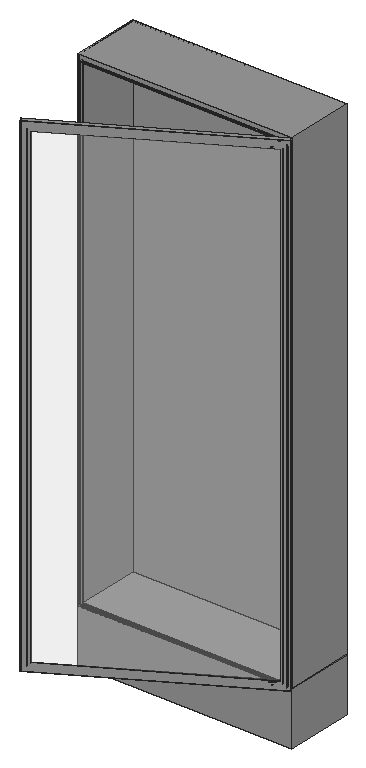
Revit family "Hager-Univers-IP55-D275-H2050-Cl.I-Steel_encl-NoHosted-CH-en", category Equipement électrique, Revit 2020
Family settings
  Configuration du panneau = Deux colonnes, circuits au sein
  Cote de connecteur circulaire = Utiliser le diamètre
  Type d'élément = Tableau de raccordement
  Basée sur le plan de construction = Oui
  Toujours verticalement = Oui
  Couper avec des vides une fois chargée = Non
  Partagée = Non
  Point de calcul de pièce = Non
Parameters (values of type "Floor installation IP55 W800 H2050 D275  - FR23K2")
  Width Control [instance] = if([EF000008 - Width] > Min Width, [EF000008 - Width], Min Width)  # 800 mm
  Commentaires du type = [HG000003 - Range]  # "Univers"
  Thickness Door [instance] = if([EF009171 - Material plate thickness door/cover] > 3 mm, 3 mm, [EF009171 - Material plate thickness door/cover])  # 1.5 mm
  Seal Frame Offset [instance] = 17 mm  # constant formula
  Plinth Visibility [instance] = [HG000027 - Plinth height] > 0 mm  # yes
  Min Width [instance] = 100 mm  # constant formula
  Min Depth [instance] = (2 * [EF009170 - Material plate thickness cabinet]) + 1 mm  # 4 mm
  Min Height [instance] = 100 mm  # constant formula
  Internal Frame Depth [instance] = (Door System Depth * 0.5)  # 9 mm
  Panel Name [instance] = ""  # (empty or 0)
  Model = ""
  HG000027 - Plinth height = 200 mm
  HG000026 - Floor standing = yes
  HG000024 - Bottom section height = 600 mm
  HG000023 - Double section enclosure = no
  HG000016 - Door 3d visibility [instance] = yes
  HG000015 - Clearance visibility [instance] = no
  HG000014 - Door on the right [instance] = yes
  HG000013 - Door on the left [instance] = not([HG000014 - Door on the right])  # no
  HG000012 - Door swing angle [instance] = 30.00°
  HG000010 - Asymmetric doors = no
  HG000009 - Double swing door = no
  HG000006 - Flush mounted = no
  HG000004 - Manufacturer reference = "FR23K2"
  HG000003 - Range = "Univers"
  HG000002 - With door or cover = yes
  Frame Offset Bottom [instance] = 10 mm  # constant formula
  Frame Offset [instance] = 15 mm  # constant formula
  EF015940 - Cover with overpressure release = no
  EF011959 - Degree of protection (NEMA) = ""
  EF009554 - Number of openings for flange plates = 6
  EF009212 - Cover model = "EV000116 - Closed"
  EF009171 - Material plate thickness door/cover = 1.5 mm
  EF009170 - Material plate thickness cabinet = 1.5 mm
  EF008873 - Nominal current (In) = 800 A
  EF007800 - Suitable for lightning protection = no
  EF006306 - With lock = no
  EF006244 - Transparent cover/door = yes
  EF005474 - Degree of protection (IP) = "EV006420 - IP55"
  EF004464 - Type of door = "EV002646 - Single"
  EF004427 - Number of modules = 432
  EF004293 - Impact strength = "EV008784 - IK10"
  EF003532 - Suitable for outdoor use = no
  EF002950 - Width in number of modular spacings = 24
  EF001613 - Circuit integrity = "EV000494 - None"
  EF001596 - Material housing = "EV000179 - Steel"
  EF001131 - Internal depth = 275 mm
  EF001088 - Extension possible = yes
  EF000437 - Number of conduit inlets = 6
  EF000339 - Type of cover = "EV004216 - Door"
  EF000266 - Number of rows = 12
  EF000218 - Built-in depth = 0 mm
  EF000118 - With mounting plate = no
  EF000116 - RAL-number = "7035"
  EF000049 - Depth = 275 mm
  EF000040 - Height = 2050 mm
  EF000008 - Width = 800 mm
  EF000007 - Colour = "EV000270 - Grey"
  EF000003 - Mounting method = "EV012274 - Floor installation"
  Door System Leaf Tolerance [instance] = 1.5 mm  # constant formula
  Door System Depth [instance] = 18 mm  # constant formula
  Door Height [instance] = Height Control - [HG000027 - Plinth height]  # 1850 mm
  Description = ""
  Default Elevation = 1219.2 mm
  Connector Offset [instance] = Height Control / 2  # 1025 mm
  Fabricant = "Hager"  # constant formula
  Height Control [instance] = if([EF000040 - Height] > Min Height, [EF000040 - Height], Min Height)  # 2050 mm
  Depth Control [instance] = if([EF000049 - Depth] > Min Depth, [EF000049 - Depth], Min Depth)  # 275 mm
  Bottom Top Plate Trim [instance] = 1.5 mm  # constant formula
  Plinth height Ctrl [instance] = if([HG000027 - Plinth height] > 0 mm, [HG000027 - Plinth height], 12 mm)  # 200 mm
Types (11, lengths in mm): name | Width Control | HG000010 - Asymmetric doors | HG000009 - Double swing door | HG000004 - Manufacturer reference | EF009554 - Number of openings for flange plates | EF006244 - Transparent cover/door | EF004464 - Type of door | EF004427 - Number of modules | EF000437 - Number of conduit inlets | EF000008 - Width
  Floor installation IP55 W1050 H2050 D275  - FR24E2 | 1050 | yes | yes | "FR24E2" | 8 | no | "EV003602 - Double" | 576 | 8 | 1050
  Floor installation IP55 W1050 H2050 D275  - FR24K2 | 1050 | yes | yes | "FR24K2" | 8 | yes | "EV003602 - Double" | 576 | 8 | 1050
  Floor installation IP55 W1300 H2050 D275  - FR25E2 | 1300 | yes | yes | "FR25E2" | 10 | no | "EV003602 - Double" | 720 | 10 | 1300
  Floor installation IP55 W1300 H2050 D275  - FR25K2 | 1300 | yes | yes | "FR25K2" | 10 | yes | "EV003602 - Double" | 720 | 10 | 1300
  Floor installation IP55 W1550 H2050 D275  - FR26E2 | 1550 | yes | yes | "FR26E2" | 12 | no | "EV003602 - Double" | 864 | 12 | 1550
  Floor installation IP55 W1550 H2050 D275  - FR26K2 | 1550 | yes | yes | "FR26K2" | 12 | yes | "EV003602 - Double" | 864 | 12 | 1550
  Floor installation IP55 W300 H2050 D275  - FR21E2 | 300 | no | no | "FR21E2" | 2 | no | "EV002646 - Single" | 144 | 2 | 300
  Floor installation IP55 W550 H2050 D275  - FR22E2 | 550 | no | no | "FR22E2" | 4 | no | "EV002646 - Single" | 288 | 4 | 550
  Floor installation IP55 W550 H2050 D275  - FR22K2 | 550 | no | no | "FR22K2" | 4 | yes | "EV002646 - Single" | 288 | 4 | 550
  Floor installation IP55 W800 H2050 D275  - FR23E2 | 800 | no | no | "FR23E2" | 6 | no | "EV002646 - Single" | 432 | 6 | 800
  Floor installation IP55 W800 H2050 D275  - FR23K2 | 800 | no | no | "FR23K2" | 6 | yes | "EV002646 - Single" | 432 | 6 | 800
Reference planes
  plane 1 "Center (Front/Back)": y = 0
  plane 2: z = 0
  plane 3 "Center (Left/Right)": x = 0
  plane 4: y = 0
  plane 5: y = 0
  plane 6: z = 0
  plane 7: x = -400
  plane 8: x = 400
  plane 9: x = 398.5
  plane 10: x = -398.5
  plane 11: z = 200
  plane 12: z = 201.5
  plane 13: y = -275
  plane 14: y = -1.5
  plane 15: x = 0
  plane 16: y = -257
  plane 17: y = -273.5
  plane 18: y = -255.5
  plane 19: x = -383.5
  plane 20: x = 383.5
  plane 21: z = 211.5
  plane 22: x = -383
  plane 23: x = 383
  plane 24: z = 200
  plane 25: z = 2050
  plane 26: z = 2050
  plane 27: z = 2033.5
  plane 28: z = 2048.5
Forms (mm)
  Extrusion 1, solid, material "Hager_Steel_RAL7035_Light_Grey", detail levels medium+fine
    sketch origin (-208.679, -4572, 200) x (-1, 0, 0) y (0, -1, 0)
      loop
        line (191.321, -4315) -> (-608.679, -4315) -> (-608.679, -4572) -> (191.321, -4572) -> (191.321, -4315)
    from 0 to 1850
  Extrusion 2, void
    sketch origin (-350.771, -275, 1219.2) x (1, 0, 0) y (0, 0, 1)
      loop
        line (-47.729, 829.3) -> (-47.729, -1017.7) -> (749.271, -1017.7) -> (749.271, 829.3) -> (-47.729, 829.3)
    from -19.5 to -273.5
  Extrusion 3, void
    sketch origin (-290.084, -257, 1219.2) x (1, 0, 0) y (0, 0, 1)
      loop
        line (-93.416, -1007.7) -> (673.584, -1007.7) -> (673.584, 814.3) -> (-93.416, 814.3) -> (-93.416, -1007.7)
    from 0 to -1.5
  Extrusion 4, solid, material "Hager_Steel_RAL7035_Light_Grey", visible <- "Plinth Visibility", detail levels medium+fine
    sketch origin (0, 0, 0) x (1, 0, 0) y (0, 1, 0)
      loop
        line (-400, 0) -> (-400, -257) -> (400, -257) -> (400, 0) -> (-400, 0)
    from 0 to 200 <- "Plinth height Ctrl"
  Extrusion 5, solid, material "Hager_Steel_RAL7035_Light_Grey", detail levels coarse
    sketch origin (0, 0, 0) x (1, 0, 0) y (0, 1, 0)
      loop
        line (-400, 0) -> (-400, -275) -> (400, -275) -> (400, 0) -> (-400, 0)
    from 0 to 2050 <- "Height Control"
  Sweep 6, void
    path in 3D
      loop
        line (-400, -257, 200) -> (400, -257, 200) -> (400, 0, 200) -> (-400, 0, 200) -> (-400, -257, 200)
    profile origin (-400, -128.5, 200) x (1, 0, 0) y (0, 0, 1)
      loop
        line (0, 0) -> (0, -1.5) -> (1.5, -1.5)
        arc (1.5, -1.5) -> (1.061, -0.439) -> (0, 0) r 1.5
  Extrusion 7, solid, material "Hager_Steel_RAL7035_Light_Grey", detail levels fine
    sketch origin (-400, -257, 200) x (1, 0, 0) y (0, 0, 1)
      loop
        line (16.5, 11.5) -> (783.5, 11.5) -> (783.5, 1833.5) -> (16.5, 1833.5) -> (16.5, 11.5)
      loop
        line (15, 10) -> (785, 10) -> (785, 1835) -> (15, 1835) -> (15, 10)
    from 0 to 9 <- "Internal Frame Depth"
Cuts and joins
  Extrusion 2, Extrusion 3 cuts Extrusion 1
  Sweep 6 cuts Extrusion 4
Lines and regions (mm)
  Masking region 1
    outline origin (0, 0, 0) x (1, 0, 0) y (0, 1, 0)
      loop
        line (-400, 0) -> (-400, -275) -> (400, -275) -> (400, 0) -> (-400, 0)
  Masking region 2, detail levels coarse
    outline origin (-290.084, -257, 1219.2) x (-1, 0, 0) y (0, 0, 1)
      loop
        line (-690.084, -1219.2) -> (109.916, -1219.2) -> (109.916, 830.8) -> (-690.084, 830.8) -> (-690.084, -1219.2)
  Masking region 3, detail levels coarse
    outline origin (0, 0, 0) x (0, 1, 0) y (0, 0, 1)
      loop
        line (0, 0) -> (0, 2050) -> (-275, 2050) -> (-275, 0) -> (0, 0)
  Masking region 4, visible <- "Plinth Visibility", detail levels medium+fine
    outline origin (0, 0, 0) x (0, 1, 0) y (0, 0, 1)
      loop
        line (-1.5, 200) -> (-255.5, 200)
        arc (-255.5, 200) -> (-255.939, 198.939) -> (-257, 198.5) r 1.5
        line (-257, 198.5) -> (-257, 0) -> (0, 0) -> (0, 198.5)
        arc (0, 198.5) -> (-1.061, 198.939) -> (-1.5, 200) r 1.5
  Masking region 5, detail levels medium+fine
    outline origin (0, 0, 594.038) x (0, 1, 0) y (0, 0, 1)
      loop
        line (0, -394.038) -> (0, 1455.962) -> (-257, 1455.962) -> (-257, -394.038) -> (0, -394.038)
  Masking region 6, detail levels medium+fine
    outline origin (-359.7, -257, 1211.883) x (-1, 0, 0) y (0, 0, 1)
      loop
        line (-759.7, -1011.883) -> (40.3, -1011.883) -> (40.3, 838.117) -> (-759.7, 838.117) -> (-759.7, -1011.883)
  Masking region 7, visible <- "Plinth Visibility", detail levels medium+fine
    outline origin (-320.334, -257, 1041.368) x (-1, 0, 0) y (0, 0, 1)
      loop
        line (-720.334, -1041.368) -> (79.666, -1041.368) -> (79.666, -842.868)
        arc (79.666, -842.868) -> (78.606, -842.429) -> (78.166, -841.368) r 1.5
        line (78.166, -841.368) -> (-718.834, -841.368)
        arc (-718.834, -841.368) -> (-719.273, -842.429) -> (-720.334, -842.868) r 1.5
        line (-720.334, -842.868) -> (-720.334, -1041.368)
  sketch lines
    curve 1: line (-400, 0, 200) -> (-400, -257, 200)
    curve 2: line (-400, -257, 200) -> (400, -257, 200)
    curve 3: line (400, 0, 200) -> (-400, 0, 200)
    curve 4: line (400, -257, 200) -> (400, 0, 200)
Dimensions and locks
  locked: plane 1 "Center (Front/Back)" to plane 5
  "EF009170 - Material plate thickness cabinet": plane 7 to plane 10
  "EF009170 - Material plate thickness cabinet": plane 8 to plane 9
  equal spacing: plane 7, plane 3 "Center (Left/Right)", plane 8
  "Width Control": plane 7 to plane 8
  "Depth Control": plane 4 to plane 13
  "EF009170 - Material plate thickness cabinet": plane 4 to plane 14
  "Height Control": plane 25 to level
  "HG000027 - Plinth height": plane 11 to level
  "EF009170 - Material plate thickness cabinet": plane 12 to plane 11
  "EF009170 - Material plate thickness cabinet": plane 17 to plane 13
  "EF009170 - Material plate thickness cabinet": plane 18 to plane 16
  "Frame Offset Bottom": plane 21 to plane 12
  "Frame Offset": plane 10 to plane 19
  "Frame Offset": plane 9 to plane 20
  "Door System Depth": plane 16 to plane 13
  "Seal Frame Offset": plane 7 to plane 22
  "Seal Frame Offset": plane 8 to plane 23
  "EF009170 - Material plate thickness cabinet": plane 26 to plane 28
  "Frame Offset": plane 28 to plane 27
  "Connector Offset": plane 2 to connector elem
  "Bottom Top Plate Trim": profile plane to Sweep 6 sketch curve
  "Bottom Top Plate Trim": Sweep 6 sketch curve to Sweep 6 sketch curve
  "Plinth height Ctrl": Masking region 4 sketch curve to level
  "Plinth height Ctrl": Masking region 7 sketch curve to level
  "Thickness Door": Extrusion 7 sketch curve to Extrusion 7 sketch curve  (x4)
  "Bottom Top Plate Trim": radius of Sweep 6 sketch curve
  "Bottom Top Plate Trim": radius of Masking region 4 sketch curve  (x2)
  "Bottom Top Plate Trim": radius of Masking region 7 sketch curve  (x2)
  aligned and locked: Extrusion 2 sketch curve to plane 12
  aligned and locked: Extrusion 2 sketch curve to plane 9
  aligned and locked: Extrusion 2 sketch curve to plane 10
  aligned and locked: Extrusion 2 to plane 14
  aligned and locked: Extrusion 1 sketch curve to plane 4
  aligned and locked: plane 8 to Extrusion 1 sketch curve
  aligned and locked: plane 7 to Extrusion 1 sketch curve
  aligned and locked: Extrusion 2 to plane 18
  aligned and locked: Extrusion 3 sketch curve to plane 19
  aligned and locked: plane 20 to Extrusion 3 sketch curve
  aligned and locked: Extrusion 3 to Extrusion 2
  aligned and locked: Extrusion 3 sketch curve to plane 21
  aligned and locked: plane 3 "Center (Left/Right)" to nested 1
  aligned and locked: Extrusion 1 sketch curve to plane 16
  aligned and locked: Extrusion 4 sketch curve to cut or joined group of Extrusion 1, Extrusion 2, Extrusion 3
  aligned and locked: Masking region 1 sketch curve to plane 7
  aligned and locked: Masking region 1 sketch curve to plane 5
  aligned and locked: Masking region 1 sketch curve to plane 8
  aligned and locked: Masking region 2 sketch curve to level
  aligned and locked: level to Masking region 3 sketch curve
  aligned and locked: plane 1 "Center (Front/Back)" to Masking region 3 sketch curve
  aligned and locked: plane 13 to Masking region 3 sketch curve
  aligned and locked: plane 5 to Masking region 4 sketch curve
  aligned and locked: Masking region 2 sketch curve to plane 8
  aligned and locked: Masking region 2 sketch curve to plane 7
  aligned and locked: plane 7 to nested 2
  aligned and locked: nested 2 to plane 5
  aligned and locked: plane 5 to Masking region 5 sketch curve
  aligned and locked: plane 26 to Masking region 5 sketch curve
  aligned and locked: Extrusion 5 sketch curve to plane 8
  aligned and locked: Extrusion 5 sketch curve to plane 7
  aligned and locked: Extrusion 5 sketch curve to plane 5
  aligned and locked: Extrusion 3 sketch curve to plane 27
  aligned and locked: Extrusion 2 sketch curve to plane 28
  aligned and locked: Masking region 2 to plane 25
  aligned and locked: Extrusion 4 to plane 16
  aligned and locked: profile plane to Sweep 6 sketch curve
  aligned and locked: Masking region 5 sketch curve to plane 24
  aligned and locked: level to Masking region 4 sketch curve
  aligned and locked: Masking region 1 to plane 13
  aligned and locked: nested 1 to plane 16
  aligned and locked: Masking region 3 to plane 25
  aligned and locked: plane 16 to Masking region 4 sketch curve
  aligned and locked: Masking region 5 sketch curve to plane 16
  aligned and locked: plane 24 to plane 11
  aligned and locked: plane 26 to plane 25
  aligned and locked: plane 26 to cut or joined group of Extrusion 1, Extrusion 2, Extrusion 3
  aligned and locked: nested 1 to plane 24
  aligned and locked: Extrusion 1 to Extrusion 3
  aligned and locked: Masking region 6 sketch curve to plane 8
  aligned and locked: Masking region 6 sketch curve to plane 24
  aligned and locked: Masking region 6 sketch curve to plane 7
  aligned and locked: Masking region 6 sketch curve to plane 26
  aligned and locked: Masking region 7 sketch curve to plane 7
  aligned and locked: level to Masking region 7 sketch curve
  aligned and locked: Masking region 7 sketch curve to plane 8
  aligned and locked: Extrusion 7 sketch curve to cut or joined group of Extrusion 1, Extrusion 2, Extrusion 3  (x4)
Automatic sketch dimensions
  plane 19 to Extrusion 3 sketch curve = 0 mm
  Extrusion 3 sketch curve to plane 20 = 0 mm
  Extrusion 3 sketch curve to plane 21 = 0 mm
  Extrusion 4 sketch curve to plane 7 = 0 mm
  Extrusion 4 sketch curve to plane 8 = 0 mm
  Extrusion 4 sketch curve to plane 16 = 0 mm
  Masking region 1 sketch curve to plane 13 = 0 mm
  Masking region 2 sketch curve to plane 25 = 0 mm
  Masking region 3 sketch curve to plane 25 = 0 mm
  Extrusion 5 sketch curve to plane 13 = 0 mm
  profile plane to Sweep 6 sketch curve = 0 mm
Nested families
  nested 1: "EC000058_Univers_Door" at (0, -257, 200), Double <- "HG000009 - Double swing door", Transparent <- "EF006244 - Transparent cover/door", Angle <- "HG000012 - Door swing angle", Door_Right <- "HG000014 - Door on the right", Assymetrical <- "HG000010 - Asymmetric doors", Door <- "HG000002 - With door or cover", Width_Ctrl <- "Width Control", 3d_Door <- "HG000016 - Door 3d visibility", Clearance <- "HG000015 - Clearance visibility", Door_Left <- "HG000013 - Door on the left", Width <- "Width Control", Door_Depth <- "Door System Depth", Leaf_Tolerance <- "Door System Leaf Tolerance", Height <- "Door Height", Lock_Visibility <- "EF006306 - With lock", Thickness <- "Thickness Door", type "EC000058_Univers_Door", detail levels medium+fine
    with min_wh 4 mm, Width_Ctrl 800 mm, Width 800 mm, Transparent yes, Thickness 1.5 mm, Seal_Material Hager_Rubber, Lock_Visibility no, Lock_Material Hager_Plastic_RAL9005_Jet_Black, Leaf_Width 800 mm, Leaf_Tolerance_External_Sides 0 mm, Leaf_Tolerance 1.5 mm, Leaf_Offset 0 mm, Leaf_Height 1847 mm, Leaf_2_Width 800 mm, Leaf_2_Offset 400 mm, Leaf_1_Width 800 mm, Leaf_1_Offset 400 mm, Height_Ctrl 1850 mm, Height 1850 mm, Glass_Material Hager_Glass, Double_Clearance_Ctrl no, Double no, Door_Right_Ctrl yes, Door_Right yes, Door_Material Hager_Steel_RAL7035_Light_Grey, Door_Left_Ctrl no, Door_Left no, Door_Depth 18 mm, Door yes, Clearance_Material Hager_Clearance, Clearance_Depth 800 mm, Clearance_Ctrl no, Clearance no, Assymetrical no, Angle 30.00°, 3d_Door yes
  nested 2: "Hager_Enclosure_Symbol" at (-400, 0, 0), Height <- "Depth Control", Width <- "Width Control", type "Hager_Enclosure_Symbol"
    with Width_Ctrl 800 mm, Width 800 mm, Height_Ctrl 275 mm, Height 275 mm, A_Width_Int 18.047 mm, A_Width 216.562 mm, A_Height_Ctrl 240.625 mm, A_Height 240.625 mm
Connectors
  electrical at (0, 0, 1025)
    settings: on plane 1 "Center (Front/Back)", index 1, voltage 0 V, apparent load 0 VA, apparent load phase1 0 VA, apparent load phase2 0 VA, apparent load phase3 0 VA, power factor 1, load classification "Other", number of poles 1, system type 30, power factor state 1, is connector primary yes, connector utility no, sub classification motor no, connector description ""
Definition of nested family "EC000058_Univers_Door"
  Parameters (values of type "EC000058_Univers_Door")
    min_wh [instance] = (2 * Thickness) + 1 mm  # 11 mm
    Width_Ctrl [instance] = 400 mm
    Width [instance] = 500 mm
    Transparent [instance] = yes
    Thickness [instance] = 5 mm
    Seal_Material [instance] = none
    Lock_Visibility [instance] = yes
    Lock_Material [instance] = none
    Leaf_Width [instance] = if((Width_Ctrl - 2 * Leaf_Tolerance_External_Sides) > 0 mm, (Width_Ctrl - 2 * Leaf_Tolerance_External_Sides), min_wh)  # 400 mm
    Leaf_Tolerance_External_Sides [instance] = 0 mm  # constant formula
    Leaf_Tolerance [instance] = 1.5 mm
    Leaf_Offset [instance] = 0 mm  # constant formula
    Leaf_Height [instance] = if((Height_Ctrl - 2 * Leaf_Tolerance) > 0 mm, (Height_Ctrl - 2 * Leaf_Tolerance), min_wh)  # 497 mm
    Leaf_2_Width [instance] = if(and(and(Double, Assymetrical), Door_Left), (Leaf_Width / 3) - (Leaf_Tolerance / 2), if(and(and(Double, Assymetrical), Door_Right), (Leaf_Width / 3) * 2 - (Leaf_Tolerance / 2), if(and(Double, not(Assymetrical)), (Leaf_Width / 2) - Leaf_Tolerance, Leaf_Width)))  # 400 mm
    Leaf_2_Offset [instance] = if(and(Double, Assymetrical), Leaf_2_Width / 2, if(and(Double, not(Assymetrical)), Leaf_Width / 4, Leaf_Width / 2))  # 200 mm
    Leaf_1_Width [instance] = if(and(and(Double, Assymetrical), Door_Right), (Leaf_Width / 3) - (Leaf_Tolerance / 2), if(and(and(Double, Assymetrical), Door_Left), (Width / 3) * 2 - (Leaf_Tolerance / 2), if(and(Double, not(Assymetrical)), (Leaf_Width / 2) - Leaf_Tolerance, Leaf_Width)))  # 400 mm
    Leaf_1_Offset [instance] = if(and(Double, Assymetrical), Leaf_1_Width / 2, if(and(Double, not(Assymetrical)), Leaf_Width / 4, Leaf_Width / 2))  # 200 mm
    Height_Ctrl [instance] = if(Height > min_wh, Height, min_wh)  # 500 mm
    Height [instance] = 500 mm
    Glass_Material [instance] = none
    Double_Clearance_Ctrl [instance] = and(Double, Clearance)  # no
    Double [instance] = no
    Door_Right_Ctrl [instance] = and(or(Door_Right, Double), Door)  # yes
    Door_Right [instance] = yes
    Door_Material [instance] = none
    Door_Left_Ctrl [instance] = and(or(Door_Left, Double), Door)  # no
    Door_Left [instance] = no
    Door_Depth [instance] = 30 mm
    Door [instance] = yes
    Default Elevation = 1219.2 mm
    Clearance_Material [instance] = none
    Clearance_Depth [instance] = if(Leaf_1_Width > Leaf_2_Width, Leaf_1_Width, Leaf_2_Width)  # 400 mm
    Clearance_Ctrl [instance] = and(not(Double), Clearance)  # yes
    Clearance [instance] = yes
    Assymetrical [instance] = yes
    Angle [instance] = 30.00°
    3d_Door [instance] = yes
  Reference planes
    plane 1 "Center (Front/Back)": y = 0
    plane 2 "Bottom": z = 0
    plane 3 "Center (Left/Right)": x = 0
    plane 4: z = 500
    plane 5: x = -200
    plane 6: x = 200
    plane 7: z = 500
    plane 8: x = -200
    plane 9: z = 0
    plane 10: x = 200
    plane 11: y = 0
    plane 12: z = 1.5
    plane 13: x = -600
    plane 14: y = -400
    plane 15: x = 600
    plane 16: x = 0
    plane 17: x = 0
    plane 18: x = -200
    plane 19: x = 200
    plane 20: z = 498.5
  Forms (mm)
    Extrusion 1, solid, material <- "Clearance_Material", visible <- "Double_Clearance_Ctrl"
      sketch origin (1200, 0, 0) x (1, 0, 0) y (0, 0, -1)
        loop
          line (-1800, -498.5) -> (-600, -498.5) -> (-600, 0) -> (-1800, 0) -> (-1800, -498.5)
      from 0 to -400
  Dimensions and locks
    equal spacing: plane 5, plane 3 "Center (Left/Right)", plane 6
    "Width_Ctrl": plane 5 to plane 6
    "Leaf_Offset": plane 5 to plane 8
    "Leaf_Offset": plane 6 to plane 10
    "Leaf_Offset": plane 9 to level
    "Leaf_Offset": plane 4 to plane 7
    "Height_Ctrl": plane 4 to level
    "Leaf_Tolerance": plane 12 to plane 9
    locked: plane 11 to plane 1 "Center (Front/Back)"
    "Leaf_1_Offset": plane 18 to plane 16
    "Leaf_2_Offset": plane 17 to plane 19
    "Leaf_1_Width": plane 13 to plane 8
    "Leaf_2_Width": plane 10 to plane 15
    "Clearance_Depth": plane 14 to plane 1 "Center (Front/Back)"
    "Leaf_Tolerance_External_Sides": plane 8 to plane 18
    "Leaf_Tolerance_External_Sides": plane 19 to plane 10
    "Leaf_Tolerance": plane 7 to plane 20
    aligned and locked: level to plane 2 "Bottom"
    aligned and locked: nested 1 to plane 16
    aligned and locked: nested 2 to plane 17
    aligned and locked: Extrusion 1 to plane 13
    aligned and locked: plane 15 to Extrusion 1
    aligned and locked: Extrusion 1 to plane 14
    aligned and locked: plane 12 to nested 1
    aligned and locked: nested 2 to plane 12
    aligned and locked: Extrusion 1 to plane 11
    aligned and locked: plane 20 to Extrusion 1
    aligned and locked: nested 2 to plane 11
    aligned and locked: nested 1 to plane 11
  Automatic sketch dimensions
    Extrusion 1 sketch curve to level = 0 mm
    plane 5 to Extrusion 1 sketch curve = 400 mm
    plane 6 to Extrusion 1 sketch curve = 400 mm
    Extrusion 1 sketch curve to plane 4 = 1.5 mm
  Nested families
    nested 1: "EC000058_Univers_Door_Leaf" at (0, 0, 1.5), Width <- "Leaf_1_Width", visible <- "Door_Left_Ctrl", Leaf_Height <- "Leaf_Height", Angle <- "Angle", 3d_Door <- "3d_Door", Transparent <- "Transparent", Clearance Material <- "Clearance_Material", Clearance <- "Clearance_Ctrl", Door_Material <- "Door_Material", Glass_Material <- "Glass_Material", Door_Depth <- "Door_Depth", Lock_Material <- "Lock_Material", Seal_Material <- "Seal_Material", Lock_Visibility <- "Lock_Visibility", Thickness <- "Thickness", type "EC000058_Univers_Door_Leaf"
      with Width 400 mm, Transparent_Glass_Offset 30 mm, Transparent_Ctrl yes, Transparent yes, Thickness 5 mm, Standard no, Seal_Material none, Seal_D2 8 mm, Seal_D1 1 mm, Offset_Internal_Frame 10 mm, Lock_Width 20 mm, Lock_Visibility_3d yes, Lock_Visibility yes, Lock_Thickness_3 3 mm, Lock_Thickness_2 1 mm, Lock_Thickness_1 3 mm, Lock_Radius_Offset_2 16 mm, Lock_Radius_Offset_1 15 mm, Lock_Radius_2 5 mm, Lock_Radius 6 mm, Lock_Offset 5 mm, Lock_Material none, Lock_Height 80 mm, Lock_Cover_Top_Offset_2d 17 mm, Lock_Cover_Height -65 mm, Leaf_Height 497 mm, Internal_Seal_Thickness 8 mm, Internal_Seal_Depth_2 4.5 mm, Internal_Frame_Depth 25 mm, Glass_Thickness -1 mm, Glass_Offset -2 mm, Glass_Material none, Door_Material none, Door_Depth 30 mm, Clearance Material none, Clearance yes, Angle_Ctrl 30.00°, Angle 30.00°, 3d_Door yes
    nested 2: "EC000058_Univers_Door_Leaf" at (0, 0, 1.5) x (-1, 0, 0) z (0, 0, 1), Width <- "Leaf_2_Width", visible <- "Door_Right_Ctrl", Leaf_Height <- "Leaf_Height", Angle <- "Angle", 3d_Door <- "3d_Door", Transparent <- "Transparent", Clearance Material <- "Clearance_Material", Clearance <- "Clearance_Ctrl", Door_Material <- "Door_Material", Glass_Material <- "Glass_Material", Door_Depth <- "Door_Depth", Lock_Material <- "Lock_Material", Seal_Material <- "Seal_Material", Lock_Visibility <- "Lock_Visibility", Thickness <- "Thickness", type "EC000058_Univers_Door_Leaf"
      with Width 400 mm, Transparent_Glass_Offset 30 mm, Transparent_Ctrl yes, Transparent yes, Thickness 5 mm, Standard no, Seal_Material none, Seal_D2 8 mm, Seal_D1 1 mm, Offset_Internal_Frame 10 mm, Lock_Width 20 mm, Lock_Visibility_3d yes, Lock_Visibility yes, Lock_Thickness_3 3 mm, Lock_Thickness_2 1 mm, Lock_Thickness_1 3 mm, Lock_Radius_Offset_2 16 mm, Lock_Radius_Offset_1 15 mm, Lock_Radius_2 5 mm, Lock_Radius 6 mm, Lock_Offset 5 mm, Lock_Material none, Lock_Height 80 mm, Lock_Cover_Top_Offset_2d 17 mm, Lock_Cover_Height -65 mm, Leaf_Height 497 mm, Internal_Seal_Thickness 8 mm, Internal_Seal_Depth_2 4.5 mm, Internal_Frame_Depth 25 mm, Glass_Thickness -1 mm, Glass_Offset -2 mm, Glass_Material none, Door_Material none, Door_Depth 30 mm, Clearance Material none, Clearance yes, Angle_Ctrl 30.00°, Angle 30.00°, 3d_Door yes
  Definition of nested family "EC000058_Univers_Door_Leaf"
    Parameters (values of type "EC000058_Univers_Door_Leaf")
      Width [instance] = 2000 mm
      Transparent_Glass_Offset [instance] = 30 mm
      Transparent_Ctrl [instance] = and(Transparent, [3d_Door])  # yes
      Transparent [instance] = yes
      Thickness [instance] = 5 mm
      Standard [instance] = and(not(Transparent), [3d_Door])  # no
      Seal_Material [instance] = none
      Seal_D2 [instance] = 8 mm  # constant formula
      Seal_D1 [instance] = 1 mm  # constant formula
      Offset_Internal_Frame [instance] = 10 mm  # constant formula
      Lock_Width [instance] = 20 mm  # constant formula
      Lock_Visibility_3d [instance] = and(Lock_Visibility, [3d_Door])  # yes
      Lock_Visibility [instance] = yes
      Lock_Thickness_3 [instance] = 3 mm  # constant formula
      Lock_Thickness_2 [instance] = 1 mm  # constant formula
      Lock_Thickness_1 [instance] = 3 mm  # constant formula
      Lock_Radius_Offset_2 [instance] = Lock_Radius_Offset_1 + 1 mm  # 16 mm
      Lock_Radius_Offset_1 [instance] = 15 mm  # constant formula
      Lock_Radius_2 [instance] = Lock_Radius - 1 mm  # 5 mm
      Lock_Radius [instance] = 6 mm  # constant formula
      Lock_Offset [instance] = 5 mm  # constant formula
      Lock_Material [instance] = none
      Lock_Height [instance] = 80 mm  # constant formula
      Lock_Cover_Top_Offset_2d [instance] = Lock_Radius_Offset_2 + 1 mm  # 17 mm
      Lock_Cover_Height [instance] = -(Lock_Height - Lock_Radius_Offset_1)  # -65 mm
      Leaf_Height [instance] = 2720.336 mm
      Internal_Seal_Thickness [instance] = 8 mm  # constant formula
      Internal_Seal_Depth_2 [instance] = 4.5 mm  # constant formula
      Internal_Frame_Depth [instance] = if(Door_Depth - Thickness > 5 mm, Door_Depth - Thickness, 5 mm)  # 25 mm
      Glass_Thickness [instance] = if(Thickness > 15 mm, Glass_Offset + 10 mm, -1 mm)  # -1 mm
      Glass_Offset [instance] = if(Thickness > 15 mm, -(Thickness + 10 mm) / 2, -2 mm)  # -2 mm
      Glass_Material [instance] = none
      Door_Material [instance] = none
      Door_Depth [instance] = 30 mm
      Default Elevation = 0 mm
      Clearance Material [instance] = none
      Clearance [instance] = yes
      Angle_Ctrl [instance] = if(Angle > 180.00°, 180.00°, Angle)  # 90.00°
      Angle [instance] = 90.00°
      3d_Door [instance] = yes
    Reference planes
      plane 1 "Center (Front/Back)": y = 0
      plane 2: z = 0
      plane 3 "Center (Left/Right)": x = 0
      plane 4: y = 2000
      plane 5: x = -1000
      plane 6: x = 1000
      plane 7: x = -3000
      plane 8: z = 2720.336
      plane 9: z = 30
      plane 10: z = 2690.336
      plane 11: x = 970
      plane 12: x = -970
      plane 13: y = -3
      plane 14: z = 107.833
      plane 15: y = -5
      plane 16: y = -223.314
      plane 17: x = -1000
      plane 18: z = 1360.168
      plane 19: y = 30
    Forms (mm)
      Extrusion 1, solid, material <- "Clearance Material", visible <- "Clearance"
        sketch origin (0, 0, 0) x (1, 0, 0) y (0, 0, 1)
          loop
            line (-3000, 2720.336) -> (-3000, 0) -> (1000, 0) -> (1000, 2720.336) -> (-3000, 2720.336)
        from 0 to -2000
      Extrusion 2, solid, material <- "Door_Material", visible <- "Standard", detail levels medium+fine
        sketch origin (-1000, 0, 0) x (0, 1, 0) y (-1, 0, 0)
          loop
            line (0, 30) -> (0, 25) -> (2000, 25) -> (2000, 30) -> (0, 30)
        from 0 to 2720.336 <- "Leaf_Height"
      Extrusion 3, solid, material <- "Door_Material", visible <- "Transparent_Ctrl", detail levels medium+fine
        sketch origin (-1000, 0, 0) x (0, 1, 0) y (-1, 0, 0)
          loop
            line (0, 25) -> (2000, 25) -> (2000, 30) -> (0, 30) -> (0, 25)
        from 0 to 2720.336 <- "Leaf_Height"
      Extrusion 4, void
        sketch origin (-1025, 2000, 0) x (0, 1, 0) y (0, 0, -1)
          loop
            line (-30, -2690.336) -> (-30, -30) -> (-1970, -30) -> (-1970, -2690.336) -> (-30, -2690.336)
        from 0 to 5 <- "Thickness"
      Sweep 5, solid, material <- "Seal_Material", visible <- "Transparent_Ctrl", detail levels fine
        path in 3D
          loop
            line (-1025, 30, 30) -> (-1025, 30, 2690.336) -> (-1025, 1970, 2690.336) -> (-1025, 1970, 30) -> (-1025, 30, 30)
        profile origin (-1025, 1000, 30) x (1, 0, 0) y (0, 0, 1)
          loop
            line (0, 0) -> (0, -8) -> (1, -8) -> (1, 0) -> (0, 0)
      Extrusion 6, solid, material <- "Glass_Material", visible <- "Transparent_Ctrl", detail levels medium+fine
        sketch origin (-1030, 0, 0) x (0, 1, 0) y (0, 0, -1)
          loop
            line (1970, -2690.336) -> (1970, -30) -> (30, -30) -> (30, -2690.336) -> (1970, -2690.336)
        from -2 <- "Glass_Offset" to -1 <- "Glass_Thickness"
      Extrusion 7, solid, material <- "Door_Material", visible <- "3d_Door", detail levels medium+fine
        sketch origin (-1025, 2000, 0) x (0, -1, 0) y (0, 0, -1)
          loop
            line (0, -2720.336) -> (2000, -2720.336) -> (2000, 0) -> (0, 0) -> (0, -2720.336)
          loop
            line (1995, -5) -> (5, -5) -> (5, -2715.336) -> (1995, -2715.336) -> (1995, -5)
        from 0 to 25 <- "Internal_Frame_Depth"
      Sweep 8, solid, material <- "Seal_Material", visible <- "Transparent_Ctrl", detail levels fine
        path in 3D
          loop
            line (-1025, 0, 0) -> (-1025, 2000, 0) -> (-1025, 2000, 2720.336) -> (-1025, 0, 2720.336) -> (-1025, 0, 0)
        profile origin (-1025, 0, 1360.168) x (1, 0, 0) y (0, 1, 0)
          loop
            line (0, 10) -> (2.975, 10)
            arc (2.975, 10) -> (4.053, 10.447) -> (4.5, 11.525) r 1.525
            line (4.5, 11.525) -> (4.5, 16.527)
            arc (4.5, 16.527) -> (4.069, 17.569) -> (3.027, 18) r 1.473
            line (3.027, 18) -> (0, 18) -> (0, 10)
      Extrusion 9, solid, material <- "Lock_Material", visible <- "Lock_Visibility_3d", detail levels fine
        sketch origin (-1030, 0, 0) x (0, 1, 0) y (0, 0, -1)
          loop
            arc (1993.5, -1400.168) -> (1994.561, -1399.729) -> (1995, -1398.668) r 1.5
            line (1995, -1398.668) -> (1995, -1320.168) -> (1975, -1320.168) -> (1975, -1398.668)
            arc (1975, -1398.668) -> (1975.439, -1399.729) -> (1976.5, -1400.168) r 1.5
            line (1976.5, -1400.168) -> (1993.5, -1400.168)
        from 3 <- "Lock_Thickness_1" to 0
      Blend 10, solid, material <- "Lock_Material", visible <- "Lock_Visibility_3d", detail levels fine
        base sketch origin (-1033, 0, 0) x (0, 1, 0) y (0, 0, -1)
          loop
            line (1975, -1320.168) -> (1975, -1398.668)
            arc (1975, -1398.668) -> (1975.439, -1399.729) -> (1976.5, -1400.168) r 1.5
            line (1976.5, -1400.168) -> (1993.5, -1400.168)
            arc (1993.5, -1400.168) -> (1994.561, -1399.729) -> (1995, -1398.668) r 1.5
            line (1995, -1398.668) -> (1995, -1320.168) -> (1975, -1320.168)
        top sketch origin (-1033, 0, 0) x (0, 1, 0) y (0, 0, -1)
          loop
            line (1976, -1320.168) -> (1976, -1398.668)
            arc (1976, -1398.668) -> (1976.146, -1399.022) -> (1976.5, -1399.168) r 0.5
            line (1976.5, -1399.168) -> (1993.5, -1399.168)
            arc (1993.5, -1399.168) -> (1993.854, -1399.022) -> (1994, -1398.668) r 0.5
            line (1994, -1398.668) -> (1994, -1320.168) -> (1976, -1320.168)
        from 0 to 1 <- "Lock_Thickness_2"
      Blend 11, solid, material <- "Lock_Material", visible <- "Lock_Visibility_3d", detail levels fine
        base sketch origin (-1034, 0, 0) x (0, 1, 0) y (0, 0, -1)
          loop
            line (1978, -1320.168) -> (1978, -1384.168)
            arc (1978, -1384.168) -> (1985, -1391.168) -> (1992, -1384.168) r 7
            line (1992, -1384.168) -> (1992, -1320.168) -> (1978, -1320.168)
        top sketch origin (-1034, 0, 0) x (0, 1, 0) y (0, 0, -1)
          loop
            line (1991, -1320.168) -> (1979, -1320.168) -> (1979, -1383.168)
            arc (1979, -1383.168) -> (1985, -1389.168) -> (1991, -1383.168) r 6
            line (1991, -1383.168) -> (1991, -1320.168)
        from 0 to 3 <- "Lock_Thickness_3"
      Extrusion 12, solid, material <- "Lock_Material", visible <- "Lock_Visibility_3d", detail levels fine
        sketch origin (-1030, 1975, 1320.168) x (1, 0, 0) y (0, -1, 0)
          loop
            line (-7, -19) -> (-7, -1) -> (0, -1) -> (0, 0) -> (-8, 0) -> (-8, -20) -> (0, -20) -> (0, -19) -> (-7, -19)
        from 0 to -65 <- "Lock_Cover_Height"
      Extrusion 13, void
        sketch origin (-1038, 1995, 1320.168) x (-1, 0, 0) y (0, 0, -1)
          loop
            line (-5, -65) -> (0, -65) -> (-5, -60) -> (-5, -65)
        from 0 to 20 <- "Lock_Width"
      Extrusion 14, void
        sketch origin (-1038, 1975, 1320.168) x (0, -1, 0) y (0, 0, -1)
          loop
            circle (-10, -15.995) r 6
          loop
            circle (-10, -15.995) r 5
        from 0 to 2
      Extrusion 15, solid, material <- "Lock_Material", visible <- "Lock_Visibility_3d", detail levels medium
        sketch origin (-1030, 0, 0) x (0, 1, 0) y (0, 0, -1)
          loop
            arc (1993.5, -1400.168) -> (1994.561, -1399.729) -> (1995, -1398.668) r 1.5
            line (1995, -1398.668) -> (1995, -1320.168) -> (1975, -1320.168) -> (1975, -1398.668)
            arc (1975, -1398.668) -> (1975.439, -1399.729) -> (1976.5, -1400.168) r 1.5
            line (1976.5, -1400.168) -> (1993.5, -1400.168)
        from 8 to 0
    Cuts and joins
      Extrusion 4 cuts Extrusion 3
      Extrusion 13, Extrusion 14 cuts Extrusion 9
      Extrusion 14 cuts Blend 11
      Extrusion 13, Extrusion 14 cuts Extrusion 12
      joined: Extrusion 9, Blend 10, Blend 11, Extrusion 12
      Extrusion 14 cuts Extrusion 15
    Lines and regions (mm)
      Masking region 1, visible <- "Lock_Visibility", detail levels fine
        outline origin (0, 0, 0) x (0, 1, 0) y (0, 0, 1)
          loop
            line (30, 1320.168) -> (33, 1320.168) -> (33, 1400.168) -> (30, 1400.168) -> (30, 1320.168)
      Masking region 2, visible <- "Lock_Visibility", detail levels fine
        outline origin (0, 3.143, 0) x (0, 1, 0) y (0, 0, 1)
          loop
            line (29.857, 1354.168) -> (30.857, 1354.168) -> (30.857, 1366.168) -> (29.857, 1366.168) -> (29.857, 1354.168)
      Masking region 3, detail levels medium+fine
        outline origin (0, 0, 0) x (0, 1, 0) y (0, 0, 1)
          loop
            line (0, 0) -> (30, 0) -> (30, 2720.336) -> (0, 2720.336) -> (0, 0)
      Masking region 4, detail levels medium+fine
        outline origin (0, 0, 0) x (1, 0, 0) y (0, 0, 1)
          loop
            line (-1000, 2720.336) -> (-1000, 0) -> (1000, 0) -> (1000, 2720.336) -> (-1000, 2720.336)
      Masking region 5, visible <- "Lock_Visibility", detail levels fine
        outline origin (-47.116, 0, 0) x (1, 0, 0) y (0, 0, 1)
          loop
            arc (1024.616, 1399.168) -> (1023.556, 1398.729) -> (1023.116, 1397.668) r 1.5
            line (1023.116, 1397.668) -> (1023.116, 1320.168) -> (1041.116, 1320.168) -> (1041.116, 1397.668)
            arc (1041.116, 1397.668) -> (1040.677, 1398.729) -> (1039.616, 1399.168) r 1.5
            line (1039.616, 1399.168) -> (1024.616, 1399.168)
      Masking region 6, visible <- "Lock_Visibility", detail levels medium+fine
        outline origin (-25, 0, 0) x (1, 0, 0) y (0, 0, 1)
          loop
            arc (1001.5, 1400.168) -> (1000.439, 1399.729) -> (1000, 1398.668) r 1.5
            line (1000, 1398.668) -> (1000, 1320.168) -> (1020, 1320.168) -> (1020, 1398.668)
            arc (1020, 1398.668) -> (1019.561, 1399.729) -> (1018.5, 1400.168) r 1.5
            line (1018.5, 1400.168) -> (1001.5, 1400.168)
      Masking region 7, visible <- "Lock_Visibility", detail levels fine
        outline origin (-73.735, 0, 0) x (1, 0, 0) y (0, 0, 1)
          loop
            line (1051.735, 1382.168) -> (1065.735, 1382.168) -> (1065.735, 1384.168)
            arc (1065.735, 1384.168) -> (1058.735, 1391.168) -> (1051.735, 1384.168) r 7
            line (1051.735, 1384.168) -> (1051.735, 1382.168)
      Masking region 8, visible <- "Lock_Visibility", detail levels fine
        outline origin (-73.735, 0, 0) x (1, 0, 0) y (0, 0, 1)
          loop
            line (1052.735, 1382.168) -> (1064.735, 1382.168) -> (1064.735, 1383.168)
            arc (1064.735, 1383.168) -> (1058.735, 1389.168) -> (1052.735, 1383.168) r 6
            line (1052.735, 1383.168) -> (1052.735, 1382.168)
      Masking region 9, visible <- "Lock_Visibility", detail levels fine
        outline origin (-25, 0, 0) x (1, 0, 0) y (0, 0, 1)
          loop
            line (1020, 1320.168) -> (1020, 1382.168) -> (1000, 1382.168) -> (1000, 1320.168) -> (1020, 1320.168)
      Masking region 10, detail levels medium+fine
        outline origin (0, 0, 0) x (1, 0, 0) y (0, 0, 1)
          loop
            circle (985, 1335.144) r 6
      Masking region 11, detail levels fine
        outline origin (0, 0, 0) x (1, 0, 0) y (0, 0, 1)
          loop
            circle (985, 1335.144) r 5
      Masking region 12, visible <- "Lock_Visibility", detail levels fine
        outline origin (0, 12.767, 0) x (0, 1, 0) y (0, 0, 1)
          loop
            line (20.233, 1320.168) -> (21.233, 1320.168) -> (21.233, 1399.168) -> (20.233, 1400.168) -> (20.233, 1320.168)
      Masking region 13, visible <- "Lock_Visibility", detail levels fine
        outline origin (0, 13.767, -10) x (0, 1, 0) y (0, 0, 1)
          loop
            line (20.233, 1330.168) -> (23.233, 1330.168) -> (23.233, 1399.168) -> (20.233, 1402.168) -> (20.233, 1330.168)
      Masking region 14, visible <- "Lock_Visibility", detail levels fine
        outline origin (0, 12.767, -10) x (0, 1, 0) y (0, 0, 1)
          loop
            line (20.233, 1330.168) -> (25.233, 1330.168) -> (25.233, 1399.305) -> (20.233, 1394.305) -> (20.233, 1330.168)
      Masking region 15, visible <- "Lock_Visibility", detail levels medium
        outline origin (0, 0, 0) x (0, 1, 0) y (0, 0, 1)
          loop
            line (30, 1320.168) -> (38, 1320.168) -> (38, 1400.168) -> (30, 1400.168) -> (30, 1320.168)
      Masking region 16, visible <- "Lock_Visibility", detail levels fine
        outline origin (-1000, 0, 0) x (0, 1, 0) y (-1, 0, 0)
          loop
            line (1975, 30) -> (1995, 30) -> (1995, 38) -> (1975, 38) -> (1975, 30)
          loop
            line (1979, 37) -> (1976, 37) -> (1976, 34) -> (1978, 34) -> (1979, 37)
          loop
            line (1994, 37) -> (1991, 37) -> (1992, 34) -> (1994, 34) -> (1994, 37)
      Masking region 17, visible <- "Lock_Visibility", detail levels medium
        outline origin (-1000, 0, 0) x (0, 1, 0) y (-1, 0, 0)
          loop
            line (1975, 30) -> (1995, 30) -> (1995, 38) -> (1975, 38) -> (1975, 30)
      symbolic lines
        curve 1: line (1000, 0, 0) -> (-3000, 0, 0)
        curve 2: arc (1000, 0, 0) -> (-1000, 2000, 0) -> (-3000, 0, 0) r 2000
        curve 4: line (-1030, 0, 0) -> (-1030, 2000, 0)
      reference lines
        curve 3: line (-1000, 0, 0) -> (-1000, 2000, 0)
      symbolic lines, detail levels medium+fine
        curve 5: line (-1030, 2000, 0) -> (-1025, 2000, 0)
        curve 7: line (-1025, 0, 0) -> (-1030, 0, 0)
        curve 8: line (-1025, 0, 0) -> (-1000, 0, 0)
        curve 9: line (-1000, 0, 0) -> (-1000, 2000, 0)
        curve 10: line (-1000, 2000, 0) -> (-1025, 2000, 0)
      symbolic lines, detail levels fine
        curve 6: line (-1025, 2000, 0) -> (-1025, 0, 0)
      sketch lines
        curve 11: line (-1025, 0, 2720.336) -> (-1025, 0, 0)
        curve 12: line (-1025, 2000, 0) -> (-1025, 0, 0)
        curve 13: line (-1025, 2000, 2720.336) -> (-1025, 2000, 0)
        curve 14: line (-1025, 0, 2720.336) -> (-1025, 2000, 2720.336)
        curve 15: line (-1025, 1970, 30) -> (-1025, 30, 30)
        curve 16: line (-1025, 30, 30) -> (-1025, 30, 2690.336)
        curve 17: line (-1025, 1970, 2690.336) -> (-1025, 1970, 30)
        curve 18: line (-1025, 30, 2690.336) -> (-1025, 1970, 2690.336)
      symbolic lines, visible <- "Transparent", detail levels medium+fine
        curve 19: line (-970, 0, 2690.336) -> (970, 0, 2690.336)
        curve 20: line (-970, 0, 30) -> (-970, 0, 2690.336)
        curve 21: line (970, 0, 30) -> (-970, 0, 30)
        curve 22: line (970, 0, 2690.336) -> (970, 0, 30)
    Dimensions and locks
      "Width": plane 1 "Center (Front/Back)" to plane 4
      equal spacing: plane 5, plane 3 "Center (Left/Right)", plane 6
      "Width": plane 5 to plane 6
      "Width": plane 7 to plane 5
      "Leaf_Height": plane 8 to level
      "Width": curve 5 to curve 3
      "Width": curve 3 to curve 3
      plane 8 to plane 10 = 30 mm
      plane 9 to level = 30 mm
      plane 12 to plane 5 = 30 mm
      plane 6 to plane 11 = 30 mm
      Extrusion 1 to Extrusion 4 sketch curve = 30 mm
      "Transparent_Glass_Offset": curve 3 to Extrusion 4 sketch curve
      "Transparent_Glass_Offset": Extrusion 4 sketch curve to cut or joined group of Extrusion 3, Extrusion 4  (x2)
      cut or joined group of Extrusion 3, Extrusion 4 to Extrusion 6 sketch curve = 30 mm
      "Transparent_Glass_Offset": cut or joined group of Extrusion 3, Extrusion 4 to Extrusion 4 sketch curve
      "Thickness": curve 6 to curve 4
      "Thickness": Extrusion 7 sketch curve to Extrusion 7 sketch curve  (x4)
      "Door_Depth": curve 4 to curve 3
      "Offset_Internal_Frame": profile plane to Sweep 8 sketch curve
      "Internal_Seal_Thickness": Sweep 8 sketch curve to Sweep 8 sketch curve
      "Internal_Seal_Depth_2": profile plane to Sweep 8 sketch curve
      "Seal_D1": profile plane to Sweep 5 sketch curve
      "Seal_D2": profile plane to Sweep 5 sketch curve
      "Thickness": Extrusion 2 sketch curve to Extrusion 2 sketch curve
      equal spacing: Extrusion 9 sketch curve, plane 18, Extrusion 9 sketch curve  (x2)
      equal spacing: Masking region 1 sketch curve, plane 18, Masking region 1 sketch curve
      "Lock_Height": Masking region 1 sketch curve to Masking region 1 sketch curve
      "Lock_Radius": Masking region 2 sketch curve to plane 18 to Masking region 2 sketch curve
      Masking region 2 sketch curve to Masking region 1 = 1 mm
      "Door_Depth": plane 19 to plane 1 "Center (Front/Back)"
      "Lock_Thickness_1": Masking region 1 sketch curve to plane 19
      "Lock_Width": Extrusion 9 sketch curve to Extrusion 9 sketch curve
      "Lock_Height": Extrusion 9 sketch curve to Extrusion 9 sketch curve
      "Lock_Offset": cut or joined group of Extrusion 3, Extrusion 4 to Extrusion 9 sketch curve
      equal spacing: plane 8, plane 18, level
      "Lock_Radius_Offset_1": Blend 11 sketch curve to Blend 10
      locked: Blend 10 to Blend 11 sketch curve at 2  (x2)
      locked: var sketch to Blend 11 sketch curve at 1  (x2)
      "Lock_Radius_Offset_2": Blend 11 sketch curve to Blend 10
      locked: Extrusion 12 sketch curve to Extrusion 12 sketch curve at 1  (x3)
      Masking region 6 sketch curve to Masking region 6 sketch curve = 80 mm
      "Lock_Height": Masking region 6 sketch curve to Masking region 6 sketch curve
      "Lock_Width": Masking region 6 sketch curve to Masking region 6 sketch curve
      locked: Masking region 6 to Masking region 5 sketch curve at 1  (x3)
      locked: Masking region 5 to Masking region 7 sketch curve at 2  (x2)
      "Lock_Radius_Offset_1": Masking region 5 to Masking region 7 sketch curve
      "Lock_Radius_Offset_2": Masking region 5 to Masking region 8 sketch curve
      locked: Masking region 7 to Masking region 8 sketch curve at 1  (x2)
      "Lock_Cover_Top_Offset_2d": Masking region 5 to Masking region 9 sketch curve
      equal spacing: Masking region 9, Masking region 10 sketch curve, Masking region 9
      equal spacing: Masking region 9, Masking region 11 sketch curve, Masking region 9
      Extrusion 15 sketch curve to Extrusion 15 sketch curve = 80 mm
      "Lock_Width": Extrusion 15 sketch curve to Extrusion 15 sketch curve
      "Lock_Height": Extrusion 15 sketch curve to Extrusion 15 sketch curve
      equal spacing: Extrusion 15 sketch curve, plane 18, Extrusion 15 sketch curve
      "Lock_Thickness_3": Masking region 13 sketch curve to Masking region 13 sketch curve
      "Lock_Height": Masking region 12 sketch curve to Masking region 12 sketch curve
      locked: Masking region 13 sketch curve to Masking region 1 at 8
      locked: Masking region 14 sketch curve to Masking region 13 at 1
      locked: Masking region 14 sketch curve to Masking region 1 at 10.863
      "Lock_Height": Masking region 15 sketch curve to Masking region 15 sketch curve
      "Lock_Offset": Extrusion 15 sketch curve to cut or joined group of Extrusion 3, Extrusion 4
      "Lock_Offset": plane 6 to Masking region 6 sketch curve
      radius of Sweep 8 sketch curve = 1.525 mm
      radius of Sweep 8 sketch curve = 1.473 mm
      radius of Extrusion 9 sketch curve = 1.5 mm  (x2)
      "Lock_Radius": radius of Extrusion 14 sketch curve
      "Lock_Radius_2": radius of Extrusion 14 sketch curve
      "Lock_Radius": radius of Masking region 10 sketch curve
      "Lock_Radius_2": radius of Masking region 11 sketch curve
      radius of Extrusion 15 sketch curve = 1.5 mm  (x2)
      "Angle_Ctrl": angle plane 1 "Center (Front/Back)" to curve 3
      locked: Masking region 12 sketch curve to Masking region 12 sketch curve (angle 45.00°)
      locked: Masking region 13 sketch curve to Masking region 13 sketch curve (angle 45.00°)
      locked: Masking region 14 sketch curve to Masking region 14 sketch curve (angle 45.00°)
      aligned and locked: level to plane 2
      aligned and locked: Extrusion 1 to curve 1
      aligned and locked: plane 6 to Extrusion 1
      aligned and locked: Extrusion 1 to plane 1 "Center (Front/Back)"
      aligned and locked: plane 4 to Extrusion 1
      aligned and locked: plane 8 to Extrusion 1
      aligned and locked: curve 7 to Extrusion 2 sketch curve
      aligned and locked: curve 5 to Extrusion 2 sketch curve
      aligned and locked: curve 7 to Extrusion 3 sketch curve
      aligned and locked: Extrusion 3 sketch curve to curve 4
      aligned and locked: Extrusion 3 sketch curve to curve 6
      aligned and locked: Extrusion 3 sketch curve to curve 5
      aligned and locked: curve 9 to curve 3
      aligned and locked: Extrusion 7 sketch curve to cut or joined group of Extrusion 3, Extrusion 4  (x4)
      aligned and locked: plane 17 to curve 3
      aligned and locked: plane 1 "Center (Front/Back)" to curve 3
      aligned and locked: plane 17 to plane 5
      aligned and locked: Sweep 8 sketch curve to profile plane
      aligned and locked: Sweep 5 sketch curve to profile plane  (x2)
      aligned and locked: Masking region 1 to Masking region 2 sketch curve
      aligned and locked: plane 19 to Masking region 1 sketch curve
      aligned and locked: plane 1 "Center (Front/Back)" to Masking region 3 sketch curve
      aligned and locked: plane 19 to Masking region 3 sketch curve
      aligned and locked: level to Masking region 3 sketch curve
      aligned and locked: Masking region 3 sketch curve to plane 8
      aligned and locked: plane 17 to Masking region 4 sketch curve
      aligned and locked: level to Masking region 4 sketch curve
      aligned and locked: Masking region 4 sketch curve to plane 8
      aligned and locked: plane 12 to curve 20
      aligned and locked: plane 10 to curve 19
      aligned and locked: plane 11 to curve 22
      aligned and locked: curve 21 to plane 9
      aligned and locked: Extrusion 2 sketch curve to cut or joined group of Extrusion 3, Extrusion 4
      aligned and locked: Blend 10 sketch curve to Extrusion 9  (x4)
      aligned and locked: Extrusion 9 to Blend 10 sketch curve
      aligned and locked: Blend 10 to Blend 11 sketch curve
      aligned and locked: Extrusion 12 sketch curve to Blend 11
      aligned and locked: Extrusion 12 sketch curve to Extrusion 9  (x4)
      aligned and locked: Masking region 5 sketch curve to Masking region 6
      aligned and locked: Masking region 9 sketch curve to Masking region 6  (x3)
      aligned and locked: Masking region 12 sketch curve to Masking region 1
      aligned and locked: Masking region 13 sketch curve to Masking region 1
      aligned and locked: Masking region 12 to Masking region 14
      aligned and locked: Masking region 14 sketch curve to Masking region 1
      aligned and locked: Masking region 15 sketch curve to Masking region 14
      aligned and locked: Masking region 13 sketch curve to Masking region 12
      aligned and locked: Masking region 16 sketch curve to cut or joined group of Extrusion 14, Extrusion 15  (x4)
      aligned and locked: Masking region 16 sketch curve to cut or joined group of Extrusion 9, Blend 10, Blend 11, Extrusion 12, Extrusion 13, Extrusion 14  (x6)
      aligned and locked: cut or joined group of Extrusion 9, Blend 10, Blend 11, Extrusion 12, Extrusion 13, Extrusion 14 to Masking region 16 sketch curve
      aligned and locked: Masking region 17 sketch curve to cut or joined group of Extrusion 14, Extrusion 15  (x3)
      aligned and locked: Masking region 17 sketch curve to cut or joined group of Extrusion 9, Blend 10, Blend 11, Extrusion 12, Extrusion 13, Extrusion 14
      aligned and locked: Masking region 9 to Masking region 8 sketch curve
      aligned and locked: Masking region 9 to Masking region 7 sketch curve
    Automatic sketch dimensions
      plane 1 "Center (Front/Back)" to curve 2 = 0 mm
      curve 2 to plane 5 = 0 mm
      Extrusion 1 sketch curve to level = 0 mm
      Extrusion 1 sketch curve to plane 7 = 0 mm
      Extrusion 1 sketch curve to plane 6 = 0 mm
      Extrusion 1 sketch curve to plane 8 = 0 mm
      Extrusion 3 to Extrusion 6 sketch curve = 30 mm  (x4)
      Masking region 4 sketch curve to plane 6 = 0 mm
      Blend 10 sketch curve to Extrusion 9 = 1.5 mm
      Blend 10 sketch curve to Extrusion 9 = 1 mm
      Extrusion 13 sketch curve to Extrusion 12 = 0 mm  (x2)
      Extrusion 12 to Extrusion 13 sketch curve = 3 mm
      Extrusion 13 sketch curve to Extrusion 12 = 5 mm
      Extrusion 14 sketch curve to Extrusion 14 sketch curve = 0 mm  (x2)
      Extrusion 14 sketch curve to Extrusion 12 = 10 mm
      Extrusion 14 sketch curve to Extrusion 12 = 15.995 mm
      Masking region 5 sketch curve to Masking region 5 sketch curve = 1.5 mm  (x2)
      Masking region 10 sketch curve to plane 18 = 25.024 mm
      Masking region 11 sketch curve to plane 18 = 25.024 mm
      plane 19 to Masking region 14 sketch curve = 3 mm
      Masking region 16 sketch curve to Masking region 16 sketch curve = 3 mm
      curve 4 to curve 3 = 0 mm
      Blend 10 to Blend 11 sketch curve = 0 mm
      Masking region 6 sketch curve to Masking region 6 sketch curve = 1.5 mm  (x2)
      Masking region 6 sketch curve to plane 18 = 40 mm
      plane 19 to Masking region 12 sketch curve = 3 mm
      Masking region 12 sketch curve to Masking region 12 sketch curve = 1 mm
      Masking region 15 sketch curve to plane 19 = 0 mm
      Masking region 15 sketch curve to plane 18 = 40 mm
      radius of Blend 10 sketch curve to Extrusion 9 = 1 mm
Definition of nested family "Hager_Enclosure_Symbol"
  Parameters (values of type "Hager_Enclosure_Symbol")
    Width_Ctrl [instance] = if(Width > 1 mm, Width, 1 mm)  # 102.27 mm
    Width [instance] = 102.27 mm
    Height_Ctrl [instance] = if(Height > 1 mm, Height, 1 mm)  # 66.5 mm
    A_Width_Int [instance] = if(A_Width / 12 > 2 mm, A_Width / 12, 2 mm)  # 4.364 mm
    A_Width [instance] = if(A_Height_Ctrl * 0.9 > 2 mm, A_Height_Ctrl * 0.9, 2 mm)  # 52.369 mm
    A_Height_Ctrl [instance] = if(A_Height > 2 mm, A_Height, 2 mm)  # 58.188 mm
    Height [instance] = 66.5 mm
    A_Height [instance] = Height - (Height / 8)  # 58.188 mm
  Reference planes
    plane 1 "Centre (avant/arrière)": y = 0
    plane 2: z = 0
    plane 3 "Centre (gauche/droite)": x = 0
    plane 4: x = 52.369
    plane 5: y = 33.042
    plane 6: y = 41.77
    plane 7: y = 66.5
    plane 8: x = 26.184
    plane 9: y = 37.406
    plane 10: x = 102.27
    plane 11: y = 66.5
    plane 12: y = 8.313
  Lines and regions (mm)
    Filled region 1, type "Solid_Black", in view "Niveau de réf."
      outline origin (0, 0, 0) x (1, 0, 0) y (0, 1, 0)
        loop
          line (52.369, 66.5) -> (33.188, 54.536) -> (45.365, 45.006) -> (52.369, 66.5)
    Filled region 2, type "Solid_Black", in view "Niveau de réf."
      outline origin (0, 0, 0) x (1, 0, 0) y (0, 1, 0)
        loop
          line (0, 0) -> (102.27, 0) -> (102.27, 66.5) -> (0, 0)
    detail lines, in view "Niveau de réf."
      curve 1: line (0, 8.313, 0) -> (26.184, 41.77, 0)
      curve 2: line (26.184, 41.77, 0) -> (26.184, 33.042, 0)
      curve 3: line (26.184, 33.042, 0) -> (52.369, 66.5, 0)
  Dimensions and locks
    "A_Width": plane 3 "Centre (gauche/droite)" to plane 4
    equal spacing: plane 3 "Centre (gauche/droite)", plane 8, plane 4
    equal spacing: plane 6, plane 9, plane 5
    equal spacing: curve 3, Filled region 1 sketch curve, Filled region 1 sketch curve
    "Height_Ctrl": plane 1 "Centre (avant/arrière)" to plane 11
    "A_Height_Ctrl": plane 11 to plane 12
    equal spacing: plane 11, plane 9, plane 12
    "A_Width_Int": plane 6 to plane 9
    "Width_Ctrl": plane 3 "Centre (gauche/droite)" to plane 10
    angle Filled region 1 sketch curve to curve 3 = 20.00°
    angle curve 3 to Filled region 1 sketch curve = 20.00°
    locked: curve 3 to Filled region 1 sketch curve (angle 90.00°)
    aligned and locked: plane 10 to Filled region 2
    aligned and locked: plane 11 to Filled region 2 sketch curve
    aligned and locked: plane 10 to Filled region 2 sketch curve
    aligned and locked: plane 3 "Centre (gauche/droite)" to curve 1
    aligned and locked: plane 12 to curve 1
    aligned and locked: plane 7 to plane 11
  Automatic sketch dimensions
    Filled region 1 sketch curve to plane 4 = 0 mm
    Filled region 1 sketch curve to plane 7 = 0 mm
    plane 1 "Centre (avant/arrière)" to Filled region 2 sketch curve = 0 mm
    Filled region 2 sketch curve to plane 3 "Centre (gauche/droite)" = 0 mm
    curve 2 to plane 6 = 0 mm
    curve 2 to plane 8 = 0 mm
    curve 3 to plane 4 = 0 mm
    curve 2 to plane 5 = 0 mm
    curve 3 to plane 7 = 0 mm
